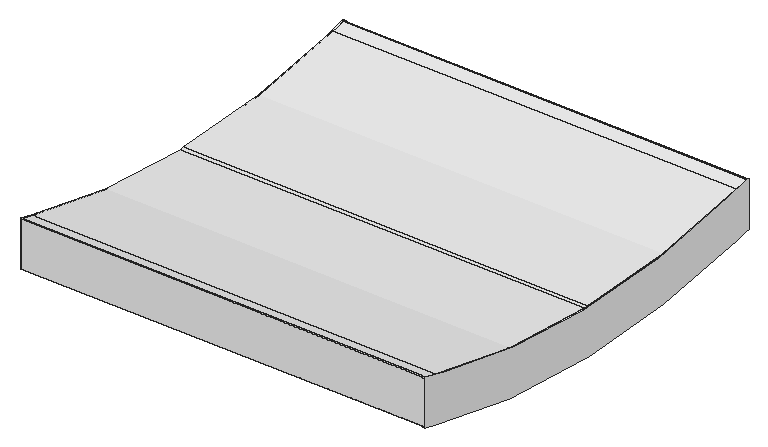
Revit family "SLSX4x4", category Lighting Fixtures, host Ceiling, Revit 2023
Family settings
  Host = Ceiling
  Round Connector Dimension = Use Diameter
  Part Type = Normal
  OmniClass Number = 23.80.70.11.14.17
  OmniClass Title = Direct/Indirect
  Always vertical = Yes
  Cut with Voids When Loaded = No
  Light Source = Yes
  Maintain Annotation Orientation = No
  Shared = No
  Room Calculation Point = No
Parameters (values of type "SLSV4X4-LED840K160LUNV")
  Width = 3' - 9 5/8"
  Wattage = 128.116 W
  built-in parameter 1150110 = 1 (stored number, unit not read)
  Voltage = 120 V
  URL = "https://viscor.com/products/slsx4x4"
  built-in parameter 1114217 = 0.9 (stored number, unit not read)
  Tilt Angle = 90.00°
  built-in parameter 1150109 = 1 (stored number, unit not read)
  built-in parameter 1150134 = 12
  built-in parameter 1150113 = 1 (stored number, unit not read)
  Photometric Web File = "SLSX4X4-LED840K160LUNV.ies"
  Model = "SLSX4x4"  # constant formula
  Manufacturer = "VISIONEERING by VISCOR"  # constant formula
  Lumens = 16117 lm
  built-in parameter 1150115 = 1 (stored number, unit not read)
  built-in parameter 1150105 = 1282.6 (stored number, unit not read)
  built-in parameter 1150137 = (empty or 0)
  built-in parameter 1150139 = (empty or 0)
  Lens Finish = Acrylic - Viscor - Opal White Square
  Lens Depth = 0' - 5 13/32"
  Length = 3' - 9 5/8"
  Lamp Wattage = 128.1 VA
  built-in parameter 1150112 = 1 (stored number, unit not read)
  built-in parameter 1150114 = 1 (stored number, unit not read)
  Lamp = "LED"  # constant formula
  built-in parameter 1150132 = (empty or 0)
  built-in parameter 1150102 = (empty or 0)
  built-in parameter 1150138 = (empty or 0)
  built-in parameter 1150107 = 4000 (stored number, unit not read)
  built-in parameter 1150106 = 12.826 (stored number, unit not read)
  Housing Finish = Metal - Viscor - White
  Emit from Rectangle Width = Width  # 3' - 9 5/8"
  Emit from Rectangle Length = Length  # 3' - 9 5/8"
  Emit from Rectangle Height = Lens Depth  # 0' - 5 13/32"
  Emit Shape Visible in Rendering = no
  built-in parameter 1150104 = 11.687 (stored number, unit not read)
  Dimming Lamp Color Temperature Shift = <None>
  Description = "Architectural Pendant with Convex lens"  # constant formula
  Default Elevation = 0' - 0"
  Color Filter = 16777215
  built-in parameter 1114218 = 1 (stored number, unit not read)
  built-in parameter 1150133 = 10 (stored number, unit not read)
  Assembly Code = "D5020200"
  Apparent Load = Lamp Wattage  # 128.1 VA
Types (6): name | Wattage | Photometric Web File | Lumens | built-in parameter 1150105 | Lamp Wattage | built-in parameter 1150106 | built-in parameter 1150104 | Apparent Load
  (no name) | 128.116 W | "SLSX4X4-LED840K160LUNV.ies" | 16117 lm | 1282.6 (stored number, unit not read) | 128.1 VA | 12.826 (stored number, unit not read) | 11.687 (stored number, unit not read) | 128.1 VA
  SLSX4X4-LED840L080LUNV | 61.2738 W | "SLSX4X4-LED840K080LUNV.ies" | 8033 lm | 639.25 (stored number, unit not read) | 61.3 VA | 6.3925 (stored number, unit not read) | 12.18 (stored number, unit not read) | 61.3 VA
  SLSV4X4-LED840K100LUNV | 83.7 W | "SLSX4X4-LED840K100LUNV.ies" | 10010.5 lm | 796.61 (stored number, unit not read) | 83.7 VA | 7.9661 (stored number, unit not read) | 11.111 (stored number, unit not read) | 83.7 VA
  SLSV4X4-LED840K120LUNV | 93.6293 W | "SLSX4X4-LED840K120LUNV.ies" | 12022 lm | 956.68 (stored number, unit not read) | 93.6 VA | 9.5668 (stored number, unit not read) | 11.929 (stored number, unit not read) | 93.6 VA
  SLSV4X4-LED840K140LUNV | 110.763 W | "SLSX4X4-LED840K140LUNV.ies" | 14078 lm | 1120.3 (stored number, unit not read) | 110.8 VA | 11.203 (stored number, unit not read) | 11.808 (stored number, unit not read) | 110.8 VA
  SLSV4X4-LED840K160LUNV | 128.116 W | "SLSX4X4-LED840K160LUNV.ies" | 16117 lm | 1282.6 (stored number, unit not read) | 128.1 VA | 12.826 (stored number, unit not read) | 11.687 (stored number, unit not read) | 128.1 VA
Reference planes (in)
  plane 1 "Light Source Axis (F/B)": y = 0
  plane 2 "Ceiling": z = 96
  plane 3 "Light Source Axis (L/R)": x = 0
  plane 4 "Light Source Elevation": z = 90.59375
  plane 5: y = 22.8125
  plane 6: y = -22.8125
  plane 7: x = -22.8125
  plane 8: x = 22.8125
  plane 9 "Lens Depth": z = 90.59375
  plane 10: x = -22.78125
  plane 11: x = 22.78125
Forms (in)
  Extrusion 1, solid, material "Metal - Viscor - White" <- "Housing Finish"
    sketch origin (0, 0, 0) x (0, 1, 0) y (0, 0, 1)
      loop
        arc (22.75, 95.91226) -> (22.72313, 95.9674) -> (22.66314, 95.9802) r 0.07
        line (22.66314, 95.9802) -> (21.2073, 95.61889)
        arc (21.2073, 95.61889) -> (10.80665, 93.69995) -> (0.25, 93.05713) r 87.00512
        line (0.25, 93.05713) -> (-0.25, 93.05713)
        arc (-0.25, 93.05713) -> (-10.80665, 93.69995) -> (-21.2073, 95.61889) r 87.00512
        line (-21.2073, 95.61889) -> (-22.66314, 95.9802)
        arc (-22.66314, 95.9802) -> (-22.72313, 95.9674) -> (-22.75, 95.91226) r 0.07
        line (-22.75, 95.91226) -> (-22.75, 90.91226) -> (-22.71875, 90.91226) -> (-22.71875, 95.91226)
        arc (-22.71875, 95.91226) -> (-22.70387, 95.94278) -> (-22.67067, 95.94987) r 0.03875
        line (-22.67067, 95.94987) -> (-21.21483, 95.58856)
        arc (-21.21483, 95.58856) -> (-10.81044, 93.66893) -> (-0.25, 93.02588) r 87.03637
        line (-0.25, 93.02588) -> (0.25, 93.02588)
        arc (0.25, 93.02588) -> (10.81044, 93.66893) -> (21.21483, 95.58856) r 87.03637
        line (21.21483, 95.58856) -> (22.67067, 95.94987)
        arc (22.67067, 95.94987) -> (22.70387, 95.94278) -> (22.71875, 95.91226) r 0.03875
        line (22.71875, 95.91226) -> (22.71875, 90.91226) -> (22.75, 90.91226) -> (22.75, 95.91226)
    from -22.78125 to 22.78125
  Extrusion 2, solid, material "Metal - Viscor - White" <- "Housing Finish"
    sketch origin (0, 0, 0) x (0, 1, 0) y (0, 0, 1)
      loop
        arc (22.75, 95.97089) -> (22.73848, 95.99452) -> (22.71276, 96) r 0.03
        line (22.71276, 96) -> (20.04951, 95.33789)
        arc (20.04951, 95.33789) -> (10.22368, 93.52195) -> (0.25, 92.91363) r 82.06574
        line (0.25, 92.91363) -> (-0.25, 92.91363)
        arc (-0.25, 92.91363) -> (-10.22368, 93.52195) -> (-20.04951, 95.33789) r 82.06574
        line (-20.04951, 95.33789) -> (-22.71276, 96)
        arc (-22.71276, 96) -> (-22.73848, 95.99452) -> (-22.75, 95.97089) r 0.03
        line (-22.75, 95.97089) -> (-22.75, 90.90692)
        arc (-22.75, 90.90692) -> (-22.74363, 90.88844) -> (-22.72724, 90.87781) r 0.03
        line (-22.72724, 90.87781) -> (-21.24964, 90.51046)
        arc (-21.24964, 90.51046) -> (-10.82823, 88.58445) -> (-0.25, 87.93926) r 87.04012
        line (-0.25, 87.93926) -> (0.25, 87.93926)
        arc (0.25, 87.93926) -> (10.82823, 88.58445) -> (21.24964, 90.51046) r 87.04012
        line (21.24964, 90.51046) -> (22.72724, 90.87781)
        arc (22.72724, 90.87781) -> (22.74363, 90.88844) -> (22.75, 90.90692) r 0.03
        line (22.75, 90.90692) -> (22.75, 95.97089)
    from 22.78125 to 22.8125
  Extrusion 3, solid, material "Metal - Viscor - White" <- "Housing Finish"
    sketch origin (0, 0, 0) x (0, 1, 0) y (0, 0, -1)
      loop
        line (22.75, -95.97089) -> (22.75, -90.90692)
        arc (22.75, -90.90692) -> (22.74363, -90.88844) -> (22.72724, -90.87781) r 0.03
        line (22.72724, -90.87781) -> (21.24964, -90.51046)
        arc (21.24964, -90.51046) -> (10.82823, -88.58445) -> (0.25, -87.93926) r 87.04012
        line (0.25, -87.93926) -> (-0.25, -87.93926)
        arc (-0.25, -87.93926) -> (-10.82823, -88.58445) -> (-21.24964, -90.51046) r 87.04012
        line (-21.24964, -90.51046) -> (-22.72724, -90.87781)
        arc (-22.72724, -90.87781) -> (-22.74363, -90.88844) -> (-22.75, -90.90692) r 0.03
        line (-22.75, -90.90692) -> (-22.75, -95.97089)
        arc (-22.75, -95.97089) -> (-22.73848, -95.99452) -> (-22.71276, -96) r 0.03
        line (-22.71276, -96) -> (-20.04951, -95.33789)
        arc (-20.04951, -95.33789) -> (-10.22368, -93.52195) -> (-0.25, -92.91363) r 82.06574
        line (-0.25, -92.91363) -> (0.25, -92.91363)
        arc (0.25, -92.91363) -> (10.22368, -93.52195) -> (20.04951, -95.33789) r 82.06574
        line (20.04951, -95.33789) -> (22.71276, -96)
        arc (22.71276, -96) -> (22.73848, -95.99452) -> (22.75, -95.97089) r 0.03
    from 22.78125 to 22.8125
  Extrusion 4, solid, material "Acrylic - Viscor - Opal White Square" <- "Lens Finish"
    sketch origin (0, 0, 0) x (0, 1, 0) y (0, 0, 1)
      loop
        line (21.2421, 90.54079) -> (22.7197, 90.90813) -> (22.70884, 90.9518) -> (21.23125, 90.58446)
        arc (21.23125, 90.58446) -> (10.81897, 88.66014) -> (0.25, 88.01551) r 86.96387
        line (0.25, 88.01551) -> (-0.25, 88.01551)
        arc (-0.25, 88.01551) -> (-10.81897, 88.66014) -> (-21.23125, 90.58446) r 86.96387
        line (-21.23125, 90.58446) -> (-22.70884, 90.9518) -> (-22.7197, 90.90813) -> (-21.2421, 90.54079)
        arc (-21.2421, 90.54079) -> (-10.82444, 88.61547) -> (-0.25, 87.97051) r 87.00887
        line (-0.25, 87.97051) -> (0.25, 87.97051)
        arc (0.25, 87.97051) -> (10.82444, 88.61547) -> (21.2421, 90.54079) r 87.00887
    from -22.78125 to 22.78125
Dimensions and locks (in)
  equal spacing: host sketch curve, plane 3 "Light Source Axis (L/R)", host sketch curve
  equal spacing: host sketch curve, plane 1 "Light Source Axis (F/B)", host sketch curve
  host sketch curve to host sketch curve = 10' - 0"  (x2)
  equal spacing: plane 7, plane 3 "Light Source Axis (L/R)", plane 8
  "Length": plane 7 to plane 8
  equal spacing: plane 5, plane 1 "Light Source Axis (F/B)", plane 6
  "Width": plane 5 to plane 6
  "Emit from Rectangle Height": plane 4 "Light Source Elevation" to plane 2 "Ceiling"
  "Lens Depth": plane 2 "Ceiling" to plane 9 "Lens Depth"
  locked: plane 11 to plane 8 at 0.03125
  locked: plane 10 to plane 7 at 0.03125
  aligned and locked: plane 3 "Light Source Axis (L/R)" to imposter light
  aligned and locked: plane 1 "Light Source Axis (F/B)" to imposter light
  aligned and locked: plane 4 "Light Source Elevation" to imposter light
  aligned and locked: Extrusion 1 to plane 10
  aligned and locked: Extrusion 1 to plane 11
  aligned and locked: Extrusion 3 to plane 7
  aligned and locked: Extrusion 3 to plane 10
  aligned and locked: plane 8 to Extrusion 2
  aligned and locked: Extrusion 2 to plane 11
  aligned and locked: Extrusion 4 to plane 10
  aligned and locked: Extrusion 4 to plane 11
Automatic sketch dimensions
  Extrusion 1 sketch curve to Extrusion 1 sketch curve = 0' - 0"  (x8)
  plane 6 to Extrusion 1 sketch curve = 0' - 0 1/16"
  Extrusion 1 sketch curve to Extrusion 1 sketch curve = 0' - 0 1/32"
  Extrusion 1 sketch curve to Extrusion 1 sketch curve = 0' - 0.03875"  (x2)
  Extrusion 1 sketch curve to plane 2 "Ceiling" = 0' - 0.05013"  (x2)
  Extrusion 1 sketch curve to Extrusion 1 sketch curve = 0' - 0.00933"  (x2)
  Extrusion 1 sketch curve to plane 2 "Ceiling" = 0' - 0.0198"  (x2)
  Extrusion 1 sketch curve to plane 2 "Ceiling" = 0' - 0.41144"  (x2)
  Extrusion 1 sketch curve to Extrusion 1 sketch curve = 0' - 1.45583"
  Extrusion 1 sketch curve to plane 2 "Ceiling" = 0' - 0.38111"  (x2)
  Extrusion 1 sketch curve to Extrusion 1 sketch curve = 0' - 0.00753"  (x2)
  plane 1 "Light Source Axis (F/B)" to Extrusion 1 sketch curve = 0' - 0 1/4"
  Extrusion 1 sketch curve to plane 1 "Light Source Axis (F/B)" = 0' - 0 1/4"
  Extrusion 1 sketch curve to Extrusion 1 sketch curve = 1' - 8.9573"
  Extrusion 1 sketch curve to plane 5 = 0' - 0.14936"
  Extrusion 1 sketch curve to Extrusion 1 sketch curve = 0' - 2.56175"
  Extrusion 1 sketch curve to plane 4 "Light Source Elevation" = 0' - 0.31851"  (x2)
  Extrusion 2 sketch curve to Extrusion 2 sketch curve = 0' - 0"  (x4)
  Extrusion 2 sketch curve to plane 2 "Ceiling" = 0' - 0"  (x2)
  plane 6 to Extrusion 2 sketch curve = 0' - 0 1/16"
  Extrusion 2 sketch curve to Extrusion 2 sketch curve = 0' - 0.02276"
  Extrusion 2 sketch curve to Extrusion 2 sketch curve = 0' - 0.00724"  (x3)
  Extrusion 2 sketch curve to plane 2 "Ceiling" = 0' - 0.02911"
  Extrusion 2 sketch curve to Extrusion 2 sketch curve = 0' - 0.03"  (x2)
  plane 4 "Light Source Elevation" to Extrusion 2 sketch curve = 0' - 0.08329"  (x2)
  Extrusion 2 sketch curve to Extrusion 2 sketch curve = 0' - 1.47759"
  Extrusion 2 sketch curve to plane 2 "Ceiling" = 0' - 0.66211"  (x2)
  Extrusion 2 sketch curve to Extrusion 2 sketch curve = 0' - 2.66326"
  plane 1 "Light Source Axis (F/B)" to Extrusion 2 sketch curve = 0' - 0 1/4"
  Extrusion 2 sketch curve to plane 1 "Light Source Axis (F/B)" = 0' - 0 1/4"
  Extrusion 2 sketch curve to Extrusion 2 sketch curve = 1' - 7.79951"
  Extrusion 2 sketch curve to plane 5 = 0' - 0.09974"
  Extrusion 2 sketch curve to plane 5 = 0' - 0.0925"
  Extrusion 2 sketch curve to Extrusion 2 sketch curve = 0' - 7.39864"
  Extrusion 2 sketch curve to plane 4 "Light Source Elevation" = 0' - 0.28406"  (x2)
  Extrusion 3 sketch curve to Extrusion 3 sketch curve = 0' - 0"  (x4)
  Extrusion 3 sketch curve to plane 2 "Ceiling" = 0' - 0"  (x2)
  plane 6 to Extrusion 3 sketch curve = 0' - 0 1/16"
  Extrusion 3 sketch curve to Extrusion 3 sketch curve = 0' - 0.02276"
  Extrusion 3 sketch curve to Extrusion 3 sketch curve = 0' - 0.00724"  (x3)
  Extrusion 3 sketch curve to plane 2 "Ceiling" = 0' - 0.02911"
  Extrusion 3 sketch curve to Extrusion 3 sketch curve = 0' - 0.03"  (x2)
  plane 4 "Light Source Elevation" to Extrusion 3 sketch curve = 0' - 0.08329"  (x2)
  Extrusion 3 sketch curve to Extrusion 3 sketch curve = 0' - 1.47759"
  Extrusion 3 sketch curve to plane 2 "Ceiling" = 0' - 0.66211"  (x2)
  Extrusion 3 sketch curve to Extrusion 3 sketch curve = 0' - 2.66326"
  plane 1 "Light Source Axis (F/B)" to Extrusion 3 sketch curve = 0' - 0 1/4"
  Extrusion 3 sketch curve to plane 1 "Light Source Axis (F/B)" = 0' - 0 1/4"
  Extrusion 3 sketch curve to Extrusion 3 sketch curve = 1' - 7.79951"
  Extrusion 3 sketch curve to plane 5 = 0' - 0.09974"
  Extrusion 3 sketch curve to plane 5 = 0' - 0.0925"
  plane 2 "Ceiling" to Extrusion 3 sketch curve = 6' - 6.97938"
  Extrusion 3 sketch curve to plane 4 "Light Source Elevation" = 0' - 0.31317"  (x2)
  Extrusion 4 sketch curve to plane 5 = 0' - 0.0928"
  Extrusion 4 sketch curve to Extrusion 4 sketch curve = 0' - 0.01086"  (x2)
  plane 4 "Light Source Elevation" to Extrusion 4 sketch curve = 0' - 0.05296"  (x2)
  plane 4 "Light Source Elevation" to Extrusion 4 sketch curve = 0' - 0.00929"  (x2)
  Extrusion 4 sketch curve to plane 1 "Light Source Axis (F/B)" = 0' - 0 1/4"
  plane 2 "Ceiling" to Extrusion 4 sketch curve = 6' - 6.97938"
  Extrusion 4 sketch curve to Extrusion 4 sketch curve = 0' - 0"  (x5)
  plane 1 "Light Source Axis (F/B)" to Extrusion 4 sketch curve = 0' - 0 1/4"
  plane 6 to Extrusion 4 sketch curve = 0' - 0.0928"
  Extrusion 4 sketch curve to plane 4 "Light Source Elevation" = 0' - 0.31438"
  Extrusion 4 sketch curve to Extrusion 4 sketch curve = 0' - 0.04367"
Connectors (in)
  electrical at (0, 0, 90.59375), driven by "Voltage", driven by "Apparent Load"
    settings: index 1, voltage 120 V, apparent load 0 VA, apparent load phase1 128.1 VA, apparent load phase2 0 VA, apparent load phase3 0 VA, power factor 1, load classification "Other", number of poles 1, system type 31, power factor state 1, is connector primary yes, connector utility no, sub classification motor no, connector description ""
